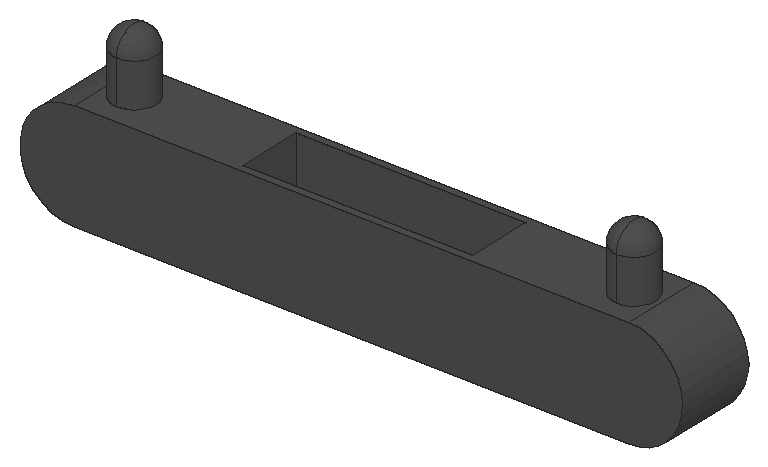
Revit family "Reece_Accessory_Mizu_Soothe_Double Robe Hook_Vertical", category Plumbing Fixtures, Revit 2018
Family settings
  Round Connector Dimension = Use Diameter
  Part Type = Normal
  Work Plane-Based = Yes
  Always vertical = Yes
  Cut with Voids When Loaded = Yes
  Shared = Yes
  Room Calculation Point = Yes
Parameters (values of type "Matte Black")
  URL = "https://www.reece.com.au/product/-2002739"
  Type Comments = "Accessory"
  Reece_Product_Web Page = "https://www.reece.com.au/product/-2002739"
  Reece_Product_Type = "Accessory"  # constant formula
  Reece_Product_Sub Brand = "Soothe"  # constant formula
  Reece_Product_Number = "2002739"
  Reece_Product_Mount = "Towel Rail Mounted"
  Reece_Product_Description = "Mizu Soothe Vertical Double Robe Hook Matte Black"
  Reece_Product_Brand = "Mizu"  # constant formula
  Reece_Overall_Width = 122 mm  # constant formula
  Reece_Overall_Height = 32 mm  # constant formula
  Reece_Material_Main = Reece_Brass_Matte Black
  Reece_Height_From_Level [instance] = 1450 mm
  Reece_Detail_Shape = ""
  Reece_Detail_Installation = ""
  Reece_Detail_Disclaimer = "THIS FILE IS THE PROPERTY OF THE REECE GROUP. IT MAY NOT BE REPRODUCED, REVERSE-ENGINEERED OR MODIFIED. ANY REPUBLICATION, TRANSMISSION OR DISTRIBUTION FOR THE PURPOSE OF COMMERCIALLY EXPLOITING THE FILES IS PROHIBITED."  # constant formula
  Reece_Detail_Connector = ""
  Reece_Detail_Additional = "Double Robe Hook"  # constant formula
  Reece_Bottom_Offset [instance] = if(Reece_Height_From_Level < 600 mm, 600 mm, if(Reece_Height_From_Level > 600 mm, Reece_Height_From_Level, if(Reece_Height_From_Level = 0 mm, Reece_Height_From_Level, Reece_Height_From_Level)))  # 1450 mm
  Reece_Robe Hook_Position [instance] = if(Reece_Robe Hook_Distance < 7.5 mm, 7.5 mm, if(Reece_Robe Hook_Distance > 7.5 mm, Reece_Robe Hook_Distance, Reece_Robe Hook_Distance))  # 65 mm
  Reece_Robe Hook_Distance [instance] = 65 mm
  Reece_Accessory_Projection = 15 mm  # constant formula
  Model = "Soothe"
  Manufacturer = "Mizu"
  Keynote = "Product #2002739, Reece_Accessory_Mizu_Soothe_Double Robe Hook_Vertical - Matte Black"
  Disclaimer = "THIS FILE IS THE PROPERTY OF THE REECE GROUP. IT MAY NOT BE REPRODUCED, REVERSE-ENGINEERED OR MODIFIED. ANY REPUBLICATION, TRANSMISSION OR DISTRIBUTION FOR THE PURPOSE OF COMMERCIALLY EXPLOITING THE FILES IS PROHIBITED."  # constant formula
  Description = "Mizu Soothe Vertical Double Robe Hook Matte Black"
  Default Elevation = 0 mm
Types (5, lengths in mm): name | URL | Reece_Product_Web Page | Reece_Product_Number | Reece_Product_Description | Reece_Material_Main | Keynote | Description
  Polished Stainless Steel | "https://www.reece.com.au/product/-2002737" | "https://www.reece.com.au/product/-2002737" | "2002737" | "Mizu Soothe Vertical Double Robe Hook Polished Stainless Steel" | Reece_Metal_Stainless Steel_Polished | "Product #2002737, Reece_Accessory_Mizu_Soothe_Double Robe Hook_Vertical - Polished Stainless Steel" | "Mizu Soothe Vertical Double Robe Hook Polished Stainless Steel"
  Brushed Stainless Steel | "https://www.reece.com.au/product/-2002738" | "https://www.reece.com.au/product/-2002738" | "2002738" | "Mizu Soothe Vertical Double Robe Hook Brushed Stainless Steel" | Reece_Brass_Brushed Stainless Steel | "Product #2002738, Reece_Accessory_Mizu_Soothe_Double Robe Hook_Vertical - Brushed Stainless Steel" | "Mizu Soothe Vertical Double Robe Hook Brushed Stainless Steel"
  Matte Black | "https://www.reece.com.au/product/-2002739" | "https://www.reece.com.au/product/-2002739" | "2002739" | "Mizu Soothe Vertical Double Robe Hook Matte Black" | Reece_Brass_Matte Black | "Product #2002739, Reece_Accessory_Mizu_Soothe_Double Robe Hook_Vertical - Matte Black" | "Mizu Soothe Vertical Double Robe Hook Matte Black"
  Brushed Gold | "https://www.reece.com.au/product/-2002740" | "https://www.reece.com.au/product/-2002740" | "2002740" | "Mizu Soothe Vertical Double Robe Hook Brushed Gold" | Reece_Brass_Brushed Gold | "Product #2002740, Reece_Accessory_Mizu_Soothe_Double Robe Hook_Vertical - Brushed Gold" | "Mizu Soothe Vertical Double Robe Hook Brushed Gold"
  Brushed Gunmetal | "https://www.reece.com.au/product/-2007485" | "https://www.reece.com.au/product/-2007485" | "2007485" | "Mizu Soothe Vertical Double Robe Hook Brushed Gunmetal" | Reece_Brass_Brushed Gunmetal | "Product #2007485, Reece_Accessory_Mizu_Soothe_Double Robe Hook_Vertical - Brushed Gunmetal" | "Mizu Soothe Vertical Double Robe Hook Brushed Gunmetal"
Reference planes
  plane 1 "Center (Front/Back)": y = 0
  plane 2 "Bottom Host Plane": z = -5
  plane 3 "Center (Left/Right)": x = 0
  plane 4 "Fixing Point": z = 1450
  plane 5: x = -46
  plane 6: x = 46
  plane 7: x = -61
  plane 8: x = 61
  plane 9: z = 1482
  plane 10 "Centrpoint": y = -65
Forms (mm)
  Extrusion 1, solid, material "Reece_Brass_Matte Black" <- "Reece_Material_Main"
    sketch origin (0, -65, 600) x (0, 0, -1) y (-1, 0, 0)
      loop
        line (-870, 51) -> (-870, -51)
        arc (-870, -51) -> (-860, -61) -> (-850, -51) r 10
        line (-850, -51) -> (-850, 51)
        arc (-850, 51) -> (-860, 61) -> (-870, 51) r 10
    from -7.5 to 7.5
  Extrusion 2, void
    sketch origin (-316.802, -1524, 1450) x (0, -1, 0) y (-1, 0, 0)
      loop
        line (-1452.9, -337.902) -> (-1452.9, -295.702) -> (-1465.1, -295.702) -> (-1465.1, -337.902) -> (-1452.9, -337.902)
    from -20 to 0
  Revolve 3, solid, material "Reece_Brass_Matte Black" <- "Reece_Material_Main"
    sketch origin (-46, 0, 0) x (0, 1, 0) y (0, 0, 1)
      loop
        line (-65, 1470) -> (-61, 1470) -> (-61, 1478)
        arc (-61, 1478) -> (-62.172, 1480.828) -> (-65, 1482) r 4
        line (-65, 1482) -> (-65, 1470)
      axis (-65, 1482) -> (-65, 1470)
    angle from 0 to 360
  Revolve 4, solid, material "Reece_Brass_Matte Black" <- "Reece_Material_Main"
    sketch origin (46, 0, 0) x (0, 1, 0) y (0, 0, -1)
      loop
        line (-65, -1470) -> (-65, -1482)
        arc (-65, -1482) -> (-62.172, -1480.828) -> (-61, -1478) r 4
        line (-61, -1478) -> (-61, -1470) -> (-65, -1470)
      axis (-65, -1482) -> (-65, -1470)
    angle from 0 to 360
Cuts and joins
  Extrusion 2 cuts Extrusion 1
  joined: Extrusion 1, Revolve 3, Revolve 4
Lines and regions (mm)
  model lines, style "InvisibleLines"
    curve 1: line (0, -57.5, -5) -> (0, -57.5, 1450)
Text (mm)
  text "Reece ©" at (2325.672, -2129.104, 3562.036), in view "Reece Preview"
  text "Reece ©" at (1631.025, -1085.127, -1020.679), in view "Ref. Level"
  text "Reece Copyright © 2018, Reece Ltd." at (-189.593, -71.817, 0), in view "Ref. Level"
Dimensions and locks
  locked: plane 2 "Bottom Host Plane" to level at 5
  "Reece_Bottom_Offset": plane 4 "Fixing Point" to level
  plane 5 to plane 6 = 92 mm
  "Reece_Overall_Width": plane 7 to plane 8
  "Reece_Overall_Height": plane 9 to plane 4 "Fixing Point"
  locked: Revolve 3 sketch curve to plane 10 "Centrpoint" at 4
  Extrusion 2 sketch curve to plane 10 "Centrpoint" to Extrusion 2 sketch curve = 6.1 mm locked, 6.1 mm locked
  locked: plane 10 "Centrpoint" to Revolve 4 sketch curve at 4
  "Reece_Robe Hook_Position": plane 1 "Center (Front/Back)" to plane 10 "Centrpoint"
  locked: curve 1 to plane 10 "Centrpoint" at 7.5
  aligned and locked: Revolve 3 sketch curve to plane 10 "Centrpoint"
  aligned and locked: Revolve 4 sketch curve to plane 10 "Centrpoint"
  aligned and locked: plane 2 "Bottom Host Plane" to curve 1
  aligned and locked: plane 4 "Fixing Point" to curve 1
Automatic sketch dimensions
  Revolve 3 sketch curve to plane 9 = 0 mm  (x2)
  Revolve 3 sketch curve to Revolve 3 sketch curve = 8 mm
  Revolve 3 sketch curve to Revolve 3 sketch curve = 0 mm
  Revolve 3 sketch curve to Revolve 3 sketch curve = 2.348 mm
  Revolve 4 sketch curve to plane 9 = 0 mm  (x2)
  Revolve 4 sketch curve to Revolve 4 sketch curve = 8 mm
  Revolve 4 sketch curve to Revolve 4 sketch curve = 0 mm
  Revolve 4 sketch curve to Revolve 4 sketch curve = 2.348 mm
  plane 3 "Center (Left/Right)" to Extrusion 2 sketch curve = 21.1 mm
  Extrusion 2 sketch curve to plane 3 "Center (Left/Right)" = 21.1 mm
  Extrusion 1 sketch curve to plane 4 "Fixing Point" = 0 mm
  plane 4 "Fixing Point" to Extrusion 1 sketch curve = 10 mm
  plane 6 to Extrusion 1 sketch curve = 5 mm
  plane 5 to Extrusion 1 sketch curve = 5 mm
